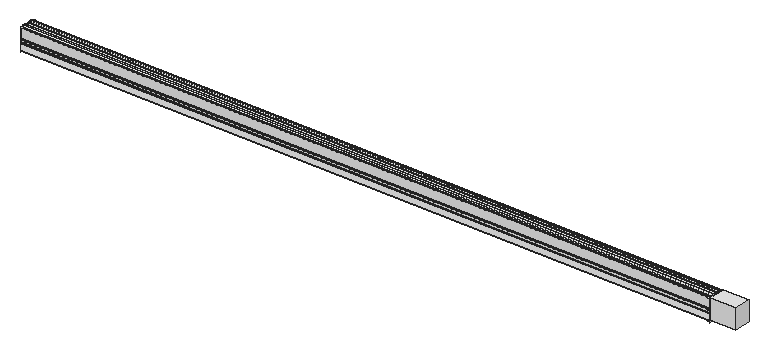
Revit family "LCOMN Square Intellect", category Lighting Fixtures, host Ceiling, Revit 2019
Family settings
  Host = Ceiling
  Round Connector Dimension = Use Diameter
  Part Type = Normal
  OmniClass Number = 23.80.70.11.14.11
  OmniClass Title = Downlights
  Always vertical = Yes
  Cut with Voids When Loaded = No
  Light Source = Yes
  Shared = No
  Room Calculation Point = No
Parameters (values of type "LCOMN96-LED840K080LUNV-P95V99(LV01)")
  Width = 0' - 2 1/16"
  Wattage = 65 W
  built-in parameter 1150110 = 1 (stored number, unit not read)
  Voltage = 120 V
  URL = "https://www.viscor.com/en/products/lcomn-intellect"
  built-in parameter 1114217 = 0.9 (stored number, unit not read)
  Tilt Angle = 90.00°
  built-in parameter 1150109 = 1 (stored number, unit not read)
  built-in parameter 1150134 = 12
  built-in parameter 1150113 = 1 (stored number, unit not read)
  Photometric Web File = "LCOMN96-LED840K080LUNV-P95V99(LV01).ies"
  Model = "LCOMN SQ Intellect"  # constant formula
  Manufacturer = "VISIONEERING by VISCOR"  # constant formula
  Lumens = 8060 lm
  built-in parameter 1150115 = 1 (stored number, unit not read)
  built-in parameter 1150105 = 641.39 (stored number, unit not read)
  built-in parameter 1150137 = (empty or 0)
  built-in parameter 1150139 = (empty or 0)
  Lens Finsih = Polycarbonate - Viscor - Frosted Square
  Length = 7' - 5 1/4"
  Lamp Wattage = 65 VA
  built-in parameter 1150112 = 1 (stored number, unit not read)
  built-in parameter 1150114 = 1 (stored number, unit not read)
  Lamp = "LED"  # constant formula
  built-in parameter 1150132 = (empty or 0)
  built-in parameter 1150102 = (empty or 0)
  built-in parameter 1150138 = (empty or 0)
  built-in parameter 1150107 = 4000 (stored number, unit not read)
  built-in parameter 1150106 = 6.4139 (stored number, unit not read)
  Housing Finish = Metal - Viscor - White
  Emit from Line Length = Length  # 7' - 5 1/4"
  built-in parameter 1150104 = 11.52 (stored number, unit not read)
  Dimming Lamp Color Temperature Shift = <None>
  Description = "Intellect Enabled LED Commercial Type N Square"  # constant formula
  Color Filter = 16777215
  built-in parameter 1114218 = 1 (stored number, unit not read)
  built-in parameter 1150133 = 10 (stored number, unit not read)
  Assembly Code = "D5020200"
  Apparent Load = Lamp Wattage  # 65 VA
Types (6): name | Wattage | Photometric Web File | Lumens | built-in parameter 1150105 | Length | Lamp Wattage | built-in parameter 1150106 | Emit from Line Length | built-in parameter 1150104 | Apparent Load
  (no name) | 65 W | "LCOMN96-LED840K080LUNV-P95V99(LV01).ies" | 8060 lm | 641.39 (stored number, unit not read) | 7' - 5 1/4" | 65 VA | 6.4139 (stored number, unit not read) | 7' - 5 1/4" | 11.52 (stored number, unit not read) | 65 VA
  LCOMN24-LED840K020LUNV-P95V99(LV01) | 17 W | "LCOMN24-LED840K020LUNV-P95V99(LV01).IES" | 2023 lm | 160.99 (stored number, unit not read) | 1' - 10 7/8" | 17 VA | 1.6099 (stored number, unit not read) | 1' - 10 7/8" | 11.055 (stored number, unit not read) | 17 VA
  LCOMN48-LED840K020LUNV-P95V99(LV01) | 18 W | "LCOMN48-LED840K020LUNV-P95V99(LV01).ies" | 1926 lm | 153.27 (stored number, unit not read) | 3' - 8 7/8" | 18 VA | 1.5327 (stored number, unit not read) | 3' - 8 7/8" | 9.9406 (stored number, unit not read) | 18 VA
  LCOMN48-LED840K040LUNV-P95V99(LV01) | 33 W | "LCOMN48-LED840K040LUNV-P95V99(LV01).ies" | 4026 lm | 320.38 (stored number, unit not read) | 3' - 8 7/8" | 33 VA | 3.2038 (stored number, unit not read) | 3' - 8 7/8" | 11.334 (stored number, unit not read) | 33 VA
  LCOMN96-LED840K040LUNV-P95V99(LV01) | 32 W | "LCOMN96-LED840K040LUNV-P95V99(LV01).ies" | 4032 lm | 320.86 (stored number, unit not read) | 7' - 5 1/4" | 32 VA | 3.2086 (stored number, unit not read) | 7' - 5 1/4" | 11.706 (stored number, unit not read) | 32 VA
  LCOMN96-LED840K080LUNV-P95V99(LV01) | 65 W | "LCOMN96-LED840K080LUNV-P95V99(LV01).ies" | 8060 lm | 641.39 (stored number, unit not read) | 7' - 5 1/4" | 65 VA | 6.4139 (stored number, unit not read) | 7' - 5 1/4" | 11.52 (stored number, unit not read) | 65 VA
Reference planes (in)
  plane 1 "Light Source Axis (F/B)": y = 0
  plane 2 "Ceiling": z = 96
  plane 3 "Light Source Axis (L/R)": x = 0
  plane 4 "Light Source Elevation": z = 93
  plane 5: x = -44.625
  plane 6: x = 44.625
  plane 7: y = 1.03125
  plane 8: y = -1.03125
  plane 9: x = -44.59375
  plane 10: x = 44.59375
  plane 11 "LensBottom": z = 93.4375
  plane 12 "OccSensorBox": x = 47.968
Forms (in)
  Extrusion 1, solid, material "Metal - Viscor - White" <- "Housing Finish"
    sketch origin (0, 0, 0) x (0, 1, 0) y (0, 0, 1)
      loop
        line (0.9845, 94.167) -> (0.9845, 94.517) -> (1.02256, 94.56193)
        arc (1.02256, 94.56193) -> (1.03725, 94.602) -> (1.02256, 94.64207) r 0.062
        line (1.02256, 94.64207) -> (0.9845, 94.687) -> (0.9845, 95.845)
        arc (0.9845, 95.845) -> (0.96634, 95.88884) -> (0.9225, 95.907) r 0.062
        line (0.9225, 95.907) -> (0.75842, 95.907) -> (0.64842, 96) -> (0.35158, 96) -> (0.24158, 95.907) -> (-0.24158, 95.907) -> (-0.35158, 96) -> (-0.64842, 96) -> (-0.75842, 95.907) -> (-0.9225, 95.907)
        arc (-0.9225, 95.907) -> (-0.96634, 95.88884) -> (-0.9845, 95.845) r 0.062
        line (-0.9845, 95.845) -> (-0.9845, 94.687) -> (-1.02256, 94.64207)
        arc (-1.02256, 94.64207) -> (-1.03725, 94.602) -> (-1.02256, 94.56193) r 0.062
        line (-1.02256, 94.56193) -> (-0.9845, 94.517) -> (-0.9845, 94.167) -> (-0.95325, 94.167) -> (-0.95325, 94.52846) -> (-0.99871, 94.58212)
        arc (-0.99871, 94.58212) -> (-1.006, 94.602) -> (-0.99871, 94.62188) r 0.03075
        line (-0.99871, 94.62188) -> (-0.95325, 94.67554) -> (-0.95325, 95.845)
        arc (-0.95325, 95.845) -> (-0.94424, 95.86674) -> (-0.9225, 95.87575) r 0.03075
        line (-0.9225, 95.87575) -> (-0.74698, 95.87575) -> (-0.63698, 95.96875) -> (-0.36302, 95.96875) -> (-0.25302, 95.87575) -> (0.25302, 95.87575) -> (0.36302, 95.96875) -> (0.63698, 95.96875) -> (0.74698, 95.87575) -> (0.9225, 95.87575)
        arc (0.9225, 95.87575) -> (0.94424, 95.86674) -> (0.95325, 95.845) r 0.03075
        line (0.95325, 95.845) -> (0.95325, 94.67554) -> (0.99871, 94.62188)
        arc (0.99871, 94.62188) -> (1.006, 94.602) -> (0.99871, 94.58212) r 0.03075
        line (0.99871, 94.58212) -> (0.95325, 94.52846) -> (0.95325, 94.167) -> (0.9845, 94.167)
    from -44.59375 to 44.59375
  Extrusion 2, solid, material "Metal - Viscor - White" <- "Housing Finish"
    sketch origin (0, 0, 0) x (0, 1, 0) y (0, 0, 1)
      loop
        arc (-0.914, 95.884) -> (-0.94158, 95.87258) -> (-0.953, 95.845) r 0.039
        line (-0.953, 95.845) -> (-0.953, 94.6819)
        arc (-0.953, 94.6819) -> (-1.00676, 94.67117) -> (-1.031, 94.622) r 0.062
        line (-1.031, 94.622) -> (-1.031, 93.071)
        arc (-1.031, 93.071) -> (-1.01284, 93.02716) -> (-0.969, 93.009) r 0.062
        line (-0.969, 93.009) -> (0.969, 93.009)
        arc (0.969, 93.009) -> (1.01284, 93.02716) -> (1.031, 93.071) r 0.062
        line (1.031, 93.071) -> (1.031, 94.622)
        arc (1.031, 94.622) -> (1.00676, 94.67117) -> (0.953, 94.6819) r 0.062
        line (0.953, 94.6819) -> (0.953, 95.845)
        arc (0.953, 95.845) -> (0.94158, 95.87258) -> (0.914, 95.884) r 0.039
        line (0.914, 95.884) -> (-0.914, 95.884)
    from -44.625 to -44.59375
  Extrusion 3, solid, material "Metal - Viscor - White" <- "Housing Finish"
    sketch origin (0, 0, 0) x (0, 1, 0) y (0, 0, -1)
      loop
        line (-0.914, -95.884) -> (0.914, -95.884)
        arc (0.914, -95.884) -> (0.94158, -95.87258) -> (0.953, -95.845) r 0.039
        line (0.953, -95.845) -> (0.953, -94.6819)
        arc (0.953, -94.6819) -> (1.00676, -94.67117) -> (1.031, -94.622) r 0.062
        line (1.031, -94.622) -> (1.031, -93.071)
        arc (1.031, -93.071) -> (1.01284, -93.02716) -> (0.969, -93.009) r 0.062
        line (0.969, -93.009) -> (-0.969, -93.009)
        arc (-0.969, -93.009) -> (-1.01284, -93.02716) -> (-1.031, -93.071) r 0.062
        line (-1.031, -93.071) -> (-1.031, -94.622)
        arc (-1.031, -94.622) -> (-1.00676, -94.67117) -> (-0.953, -94.6819) r 0.062
        line (-0.953, -94.6819) -> (-0.953, -95.845)
        arc (-0.953, -95.845) -> (-0.94158, -95.87258) -> (-0.914, -95.884) r 0.039
    from -44.625 to -44.59375
  Extrusion 4, solid, material "Metal - Viscor - White" <- "Housing Finish"
    sketch origin (0, 0, 0) x (0, 1, 0) y (0, 0, 1)
      loop
        line (1.013, 94.186) -> (1.013, 94.5095) -> (0.98175, 94.5095) -> (0.98175, 94.186)
        arc (0.98175, 94.186) -> (0.97274, 94.16426) -> (0.951, 94.15525) r 0.03075
        line (0.951, 94.15525) -> (-0.951, 94.15525)
        arc (-0.951, 94.15525) -> (-0.97274, 94.16426) -> (-0.98175, 94.186) r 0.03075
        line (-0.98175, 94.186) -> (-0.98175, 94.5095) -> (-1.013, 94.5095) -> (-1.013, 94.186)
        arc (-1.013, 94.186) -> (-0.99484, 94.14216) -> (-0.951, 94.124) r 0.062
        line (-0.951, 94.124) -> (0.951, 94.124)
        arc (0.951, 94.124) -> (0.99484, 94.14216) -> (1.013, 94.186) r 0.062
    from -44.59375 to 44.59375
  Extrusion 5, solid, material "Polycarbonate - Viscor - Frosted Square" <- "Lens Finsih"
    sketch origin (0, 0, 0) x (0, 1, 0) y (0, 0, 1)
      loop
        line (0.921, 94.124) -> (0.75, 94.124) -> (0.75, 94.08494) -> (0.921, 94.08494)
        arc (0.921, 94.08494) -> (0.94924, 94.07324) -> (0.96094, 94.045) r 0.03994
        line (0.96094, 94.045) -> (0.96094, 93.172)
        arc (0.96094, 93.172) -> (0.94924, 93.14376) -> (0.921, 93.13206) r 0.03994
        line (0.921, 93.13206) -> (-0.921, 93.13206)
        arc (-0.921, 93.13206) -> (-0.94924, 93.14376) -> (-0.96094, 93.172) r 0.03994
        line (-0.96094, 93.172) -> (-0.96094, 94.045)
        arc (-0.96094, 94.045) -> (-0.94924, 94.07324) -> (-0.921, 94.08494) r 0.03994
        line (-0.921, 94.08494) -> (-0.75, 94.08494) -> (-0.75, 94.124) -> (-0.921, 94.124)
        arc (-0.921, 94.124) -> (-0.97686, 94.10086) -> (-1, 94.045) r 0.079
        line (-1, 94.045) -> (-1, 93.172)
        arc (-1, 93.172) -> (-0.97686, 93.11614) -> (-0.921, 93.093) r 0.079
        line (-0.921, 93.093) -> (0.921, 93.093)
        arc (0.921, 93.093) -> (0.97686, 93.11614) -> (1, 93.172) r 0.079
        line (1, 93.172) -> (1, 94.045)
        arc (1, 94.045) -> (0.97686, 94.10086) -> (0.921, 94.124) r 0.079
    from -44.59375 to 44.59375
  Extrusion 6, solid, material "Metal - Viscor - White" <- "Housing Finish"
    sketch origin (0, 0, 0) x (1, 0, 0) y (0, 0, 1)
      loop
        line (44.625, 95.90771) -> (44.625, 93.375) -> (47.968, 93.375) -> (47.968, 95.90771) -> (44.625, 95.90771)
    from -1.03125 to 1.03125
  Extrusion 7, solid
    sketch origin (47.968, 0, 93.375) x (0, 1, 0) y (1, 0, 0)
      loop
        circle (0, -0.80794) r 0.5
    from 0 to 0.156
Dimensions and locks (in)
  equal spacing: host sketch curve, plane 3 "Light Source Axis (L/R)", host sketch curve
  equal spacing: host sketch curve, plane 1 "Light Source Axis (F/B)", host sketch curve
  host sketch curve to host sketch curve = 10' - 0"  (x2)
  equal spacing: plane 5, plane 3 "Light Source Axis (L/R)", plane 6
  "Length": plane 5 to plane 6
  equal spacing: plane 7, plane 1 "Light Source Axis (F/B)", plane 8
  "Width": plane 7 to plane 8
  plane 5 to plane 3 "Light Source Axis (L/R)" = 3' - 8 5/8"
  plane 7 to plane 1 "Light Source Axis (F/B)" = 0' - 1 1/32"
  plane 6 to plane 3 "Light Source Axis (L/R)" = 3' - 8 5/8"
  locked: plane 9 to plane 5 at 0.03125
  locked: plane 10 to plane 6 at 0.03125
  plane 12 "OccSensorBox" to Extrusion 3 = 0' - 3.343"
  locked: plane 6 to plane 12 "OccSensorBox" at 3.343
  Extrusion 6 sketch curve to Extrusion 6 sketch curve = 0' - 2.53271"
  Extrusion 7 sketch curve to Extrusion 6 = 0' - 0.80794"
  aligned and locked: plane 3 "Light Source Axis (L/R)" to imposter light
  aligned and locked: plane 1 "Light Source Axis (F/B)" to imposter light
  aligned and locked: plane 4 "Light Source Elevation" to imposter light
  aligned and locked: Extrusion 1 to plane 9
  aligned and locked: plane 10 to Extrusion 1
  aligned and locked: Extrusion 2 to plane 5
  aligned and locked: plane 9 to Extrusion 2
  aligned and locked: plane 6 to Extrusion 3
  aligned and locked: Extrusion 3 to plane 10
  aligned and locked: Extrusion 4 to plane 9
  aligned and locked: plane 10 to Extrusion 4
  aligned and locked: Extrusion 5 to plane 9
  aligned and locked: plane 10 to Extrusion 5
  aligned and locked: Extrusion 6 sketch curve to plane 12 "OccSensorBox"
  aligned and locked: Extrusion 6 to plane 7
  aligned and locked: plane 8 to Extrusion 6
Automatic sketch dimensions
  Extrusion 1 sketch curve to Extrusion 1 sketch curve = 0' - 0"  (x8)
  Extrusion 1 sketch curve to plane 2 "Ceiling" = 0' - 0"  (x2)
  plane 8 to Extrusion 1 sketch curve = 0' - 0.00869"  (x2)
  Extrusion 1 sketch curve to Extrusion 1 sketch curve = 0' - 0.02385"  (x2)
  plane 8 to Extrusion 1 sketch curve = 0' - 0.04675"  (x2)
  Extrusion 1 sketch curve to Extrusion 1 sketch curve = 0' - 0.02346"  (x3)
  Extrusion 1 sketch curve to Extrusion 1 sketch curve = 0' - 0 1/32"  (x4)
  Extrusion 1 sketch curve to Extrusion 1 sketch curve = 0' - 0.03075"
  Extrusion 1 sketch curve to plane 2 "Ceiling" = 0' - 0.093"  (x2)
  Extrusion 1 sketch curve to Extrusion 1 sketch curve = 0' - 0 21/128"
  Extrusion 1 sketch curve to Extrusion 1 sketch curve = 0' - 0.01144"  (x8)
  Extrusion 1 sketch curve to Extrusion 1 sketch curve = 0' - 0.11"  (x4)
  Extrusion 1 sketch curve to plane 2 "Ceiling" = 0' - 0 1/32"  (x2)
  Extrusion 1 sketch curve to Extrusion 1 sketch curve = 0' - 0.27396"  (x2)
  Extrusion 1 sketch curve to plane 2 "Ceiling" = 0' - 0.12425"  (x2)
  Extrusion 1 sketch curve to plane 1 "Light Source Axis (F/B)" = 0' - 0.24158"
  Extrusion 1 sketch curve to plane 7 = 0' - 0.10875"
  Extrusion 1 sketch curve to plane 7 = 0' - 0.078"  (x2)
  Extrusion 1 sketch curve to plane 7 = 0' - 0.056"
  Extrusion 1 sketch curve to plane 7 = 0' - 0.00869"  (x2)
  Extrusion 1 sketch curve to Extrusion 1 sketch curve = 0' - 1.158"  (x2)
  Extrusion 1 sketch curve to Extrusion 1 sketch curve = 0' - 0.01146"  (x4)
  Extrusion 1 sketch curve to Extrusion 1 sketch curve = 0' - 0.04493"  (x2)
  Extrusion 1 sketch curve to Extrusion 1 sketch curve = 0' - 0.0202"  (x2)
  Extrusion 1 sketch curve to Extrusion 1 sketch curve = 0' - 0.01988"  (x2)
  Extrusion 1 sketch curve to Extrusion 1 sketch curve = 0' - 0.05367"  (x2)
  Extrusion 1 sketch curve to Extrusion 1 sketch curve = 0' - 0.35"  (x2)
  plane 8 to Extrusion 2 sketch curve = 0' - 0.00025"
  Extrusion 2 sketch curve to Extrusion 2 sketch curve = 0' - 0.062"
  Extrusion 2 sketch curve to plane 4 "Light Source Elevation" = 0' - 0.009"
  plane 8 to Extrusion 2 sketch curve = 0' - 0.06225"
  plane 8 to Extrusion 2 sketch curve = 0' - 0.07825"
  Extrusion 2 sketch curve to Extrusion 2 sketch curve = 0' - 0.039"
  Extrusion 2 sketch curve to plane 7 = 0' - 0.11725"
  Extrusion 2 sketch curve to plane 7 = 0' - 0.07825"
  Extrusion 2 sketch curve to Extrusion 2 sketch curve = 0' - 0.016"
  Extrusion 2 sketch curve to plane 7 = 0' - 0.06225"
  Extrusion 2 sketch curve to plane 7 = 0' - 0.00025"
  plane 11 "LensBottom" to Extrusion 2 sketch curve = 0' - 1.1845"  (x2)
  Extrusion 2 sketch curve to plane 2 "Ceiling" = 0' - 0.155"
  plane 8 to Extrusion 3 sketch curve = 0' - 0.00025"
  Extrusion 3 sketch curve to Extrusion 3 sketch curve = 0' - 0.062"
  Extrusion 3 sketch curve to plane 4 "Light Source Elevation" = 0' - 0.009"
  plane 8 to Extrusion 3 sketch curve = 0' - 0.06225"
  plane 8 to Extrusion 3 sketch curve = 0' - 0.07825"
  Extrusion 3 sketch curve to Extrusion 3 sketch curve = 0' - 0.039"
  Extrusion 3 sketch curve to plane 7 = 0' - 0.11725"
  Extrusion 3 sketch curve to plane 7 = 0' - 0.07825"
  Extrusion 3 sketch curve to Extrusion 3 sketch curve = 0' - 0.016"
  Extrusion 3 sketch curve to plane 7 = 0' - 0.06225"
  Extrusion 3 sketch curve to plane 7 = 0' - 0.00025"
  plane 11 "LensBottom" to Extrusion 3 sketch curve = 0' - 1.1845"  (x2)
  Extrusion 3 sketch curve to plane 2 "Ceiling" = 0' - 0.155"
  Extrusion 4 sketch curve to Extrusion 4 sketch curve = 0' - 0"  (x4)
  plane 8 to Extrusion 4 sketch curve = 0' - 0.01825"
  Extrusion 4 sketch curve to Extrusion 4 sketch curve = 0' - 0 1/32"
  Extrusion 4 sketch curve to Extrusion 4 sketch curve = 0' - 0.03075"
  Extrusion 4 sketch curve to plane 7 = 0' - 0.08025"
  Extrusion 4 sketch curve to plane 7 = 0' - 0.0495"
  plane 11 "LensBottom" to Extrusion 4 sketch curve = 0' - 0.6865"
  Extrusion 4 sketch curve to Extrusion 4 sketch curve = 0' - 0.3235"  (x2)
  Extrusion 5 sketch curve to Extrusion 5 sketch curve = 0' - 0"  (x8)
  plane 8 to Extrusion 5 sketch curve = 0' - 0 1/32"
  Extrusion 5 sketch curve to Extrusion 5 sketch curve = 0' - 0 5/128"
  Extrusion 5 sketch curve to Extrusion 5 sketch curve = 0' - 0.03994"  (x3)
  Extrusion 5 sketch curve to plane 7 = 0' - 0 9/32"
  Extrusion 5 sketch curve to plane 7 = 0' - 0.11025"  (x2)
  Extrusion 5 sketch curve to plane 4 "Light Source Elevation" = 0' - 0.093"
  plane 11 "LensBottom" to Extrusion 5 sketch curve = 0' - 0.6075"  (x2)
  Extrusion 5 sketch curve to Extrusion 5 sketch curve = 0' - 0.171"
  Extrusion 6 sketch curve to plane 6 = 0' - 0"
  Extrusion 6 sketch curve to plane 2 "Ceiling" = 0' - 0.09229"
  Extrusion 7 sketch curve to Extrusion 6 = 0' - 1 1/32"
  radius of Extrusion 7 sketch curve = 0' - 0 1/2"
Connectors (in)
  electrical at (0, 0, 93), driven by "Voltage", driven by "Lamp Wattage"
    settings: index 1, voltage 120 V, apparent load 0 VA, apparent load phase1 65 VA, apparent load phase2 0 VA, apparent load phase3 0 VA, power factor 1, load classification "Other", number of poles 1, system type 31, power factor state 1, is connector primary yes, connector utility no, sub classification motor no, connector description ""
